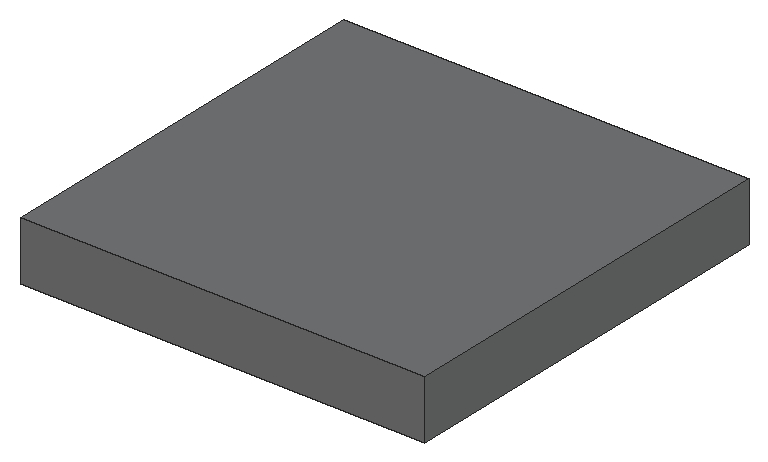
Revit family "Gira_0285005", category Electrical Fixtures, host Face, Revit 2017
Family settings
  Host = Face
  Maintain Annotation Orientation = No
  Round Connector Dimension = Use Diameter
  Part Type = Normal
  Cut with Voids When Loaded = No
  Shared = No
  Room Calculation Point = No
Parameters (values of type "Rocker sym.light System 55 black m")
  URL = "http://katalog.gira.de/en/datenblatt.html?artikelnr=0285005"
  Name = "Rocker sym.light System 55 black m"
  Model = "Single rocker"
  Manufacturer URL = "https://www.gira.de/"
  Manufacturer = "Gira"
  Keynote = ""
  HeinzeBIM = "https://bimportal.heinze.de/bim/rocker-sym-light-system-55-black-m/ef81ffb1eeaf3015b0cc95e320194e1ff9076dbe"
  HAN = "0285005"
  GTIN = "4010337038276"
  Description = "Rock.sym.light Sys55 BKm,Rocker with symbol,Light,black matt,"
  Default Elevation = 1219.2 mm
  Data sheet (1) = "https://katalog.gira.de/en/download.html?artikelnr=0285005"
  Category = "Control element/cover plate for domestic switching devices"
  BIM (1) = "https://media.stage.bim.site/public/gira/36a6b08/Sys55_Abdeckung_Schalten und Tasten.rfa?public/gira/36a6b08/Sys55_Abdeckung_Schalten und Tasten.rfa"
  Available = "No"
  Anthrazit [instance] = Anthrazit
Reference planes
  plane 1 "Center (Front/Back)": y = 0
  plane 2: z = 0
  plane 3 "Center (Left/Right)": x = 0
Forms (mm)
  Extrusion 1, solid, material "Anthrazit" <- "Anthrazit", detail levels fine
    sketch origin (0, 0, 0) x (1, 0, 0) y (0, 1, 0)
      loop
        line (-27.5, 27.5) -> (-27.5, -27.5) -> (27.5, -27.5) -> (27.5, 27.5) -> (-27.5, 27.5)
    from 0 to 8
  Extrusion 2, void
    sketch origin (0, 0, 0) x (1, 0, 0) y (0, 1, 0)
      loop
        line (26, 26) -> (-26, 26) -> (-26, -26) -> (26, -26) -> (26, 26)
    from 0 to 6
  Extrusion 3, solid, material "Anthrazit" <- "Anthrazit", detail levels medium
    sketch origin (0, 0, 0) x (1, 0, 0) y (0, 1, 0)
      loop
        line (-27.5, 27.5) -> (-27.5, -27.5) -> (27.5, -27.5) -> (27.5, 27.5) -> (-27.5, 27.5)
    from 0 to 8
  Extrusion 4, solid, material "Anthrazit" <- "Anthrazit", detail levels medium
    sketch origin (0, 0, 0) x (1, 0, 0) y (0, 1, 0)
      loop
        line (11, -17.5) -> (11, 17.5) -> (-11, 17.5) -> (-11, -17.5) -> (11, -17.5)
    from -6 to 6
  Extrusion 5, solid, material "Anthrazit" <- "Anthrazit", detail levels fine
    sketch origin (0, 0, 0) x (1, 0, 0) y (0, 1, 0)
      loop
        line (11, 17.5) -> (-11, 17.5) -> (-11, 16.5) -> (11, 16.5) -> (11, 17.5)
      loop
        line (-11, -16.5) -> (-11, -17.5) -> (11, -17.5) -> (11, -16.5) -> (-11, -16.5)
    from -4 to 6
  Extrusion 6, solid, material "Anthrazit" <- "Anthrazit", detail levels fine
    sketch origin (0, 0, 0) x (1, 0, 0) y (0, 1, 0)
      loop
        arc (5, 9.347) -> (0, 10.6) -> (-5, 9.347) r 10.6
        line (-5, 9.347) -> (-5, -9.347)
        arc (-5, -9.347) -> (0, -10.6) -> (5, -9.347) r 10.6
        line (5, -9.347) -> (5, 9.347)
    from -6 to 6
  Extrusion 7, solid, material "Anthrazit" <- "Anthrazit", detail levels coarse
    sketch origin (0, 0, 0) x (1, 0, 0) y (0, 1, 0)
      loop
        line (-27.5, 27.5) -> (-27.5, -27.5) -> (27.5, -27.5) -> (27.5, 27.5) -> (-27.5, 27.5)
    from -6 to 8
Cuts and joins
  Extrusion 2 cuts Extrusion 1
Dimensions and locks
  aligned and locked: plane 2 to host face
  aligned and locked: level to host face
